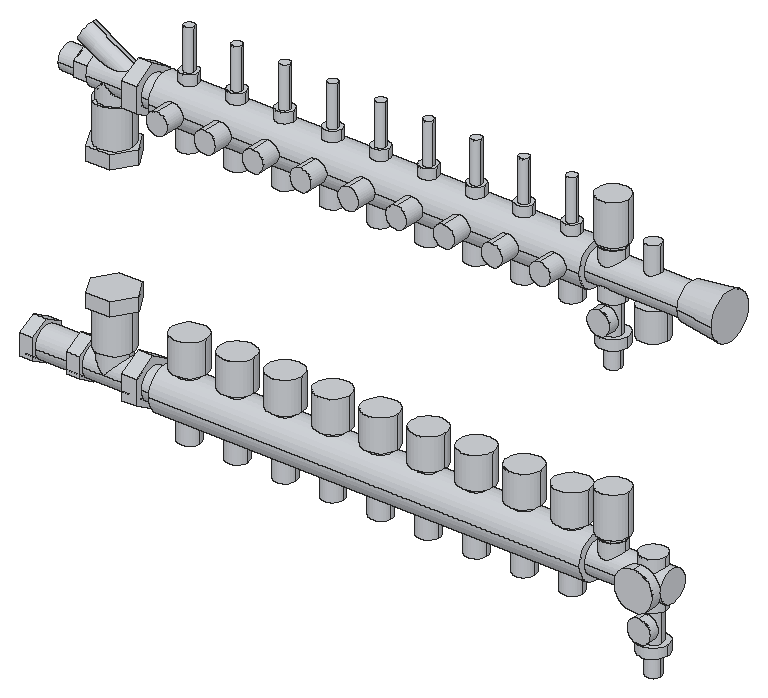
Revit family "318_1dab38ccfa9a4ba2b3cf6a35155c09", category Pipe Accessories, Revit 2017
Family settings
  Round Connector Dimension = Use Diameter
  Part Type = Valve - Normal
  Work Plane-Based = No
  Always vertical = Yes
  Cut with Voids When Loaded = No
  Shared = No
Parameters (values of type "R557FY009")
  magi_piping_qv_2_9 [instance] = 0.0 L/s
  magi_piping_qv_2_8 [instance] = 0.0 L/s
  magi_piping_qv_2_7 [instance] = 0.0 L/s
  magi_piping_qv_2_6 [instance] = 0.0 L/s
  magi_piping_qv_2_5 [instance] = 0.0 L/s
  magi_piping_qv_2_4 [instance] = 0.0 L/s
  magi_piping_qv_2_3 [instance] = 0.0 L/s
  magi_piping_qv_2_2 [instance] = 0.0 L/s
  magi_piping_qv_2_1 [instance] = 0.0 L/s
  magi_piping_qv_1_9 [instance] = 0.0 L/s
  magi_piping_qv_1_8 [instance] = 0.0 L/s
  magi_piping_qv_1_7 [instance] = 0.0 L/s
  magi_piping_qv_1_6 [instance] = 0.0 L/s
  magi_piping_qv_1_5 [instance] = 0.0 L/s
  magi_piping_qv_1_4 [instance] = 0.0 L/s
  magi_piping_qv_1_3 [instance] = 0.0 L/s
  magi_piping_qv_1_2 [instance] = 0.0 L/s
  magi_piping_qv_1_1 [instance] = 0.0 L/s
  magi_piping_qv [instance] = 0.0 L/s
  magi_piping_power_9 [instance] = 0 W
  magi_piping_power_8 [instance] = 0 W
  magi_piping_power_7 [instance] = 0 W
  magi_piping_power_6 [instance] = 0 W
  magi_piping_power_5 [instance] = 0 W
  magi_piping_power_4 [instance] = 0 W
  magi_piping_power_3 [instance] = 0 W
  magi_piping_power_2 [instance] = 0 W
  magi_piping_power_1 [instance] = 0 W
  magi_piping_kv_9 [instance] = 0
  magi_piping_kv_8 [instance] = 0
  magi_piping_kv_7 [instance] = 0
  magi_piping_kv_6 [instance] = 0
  magi_piping_kv_5 [instance] = 0
  magi_piping_kv_4 [instance] = 0
  magi_piping_kv_3 [instance] = 0
  magi_piping_kv_2 [instance] = 0
  magi_piping_kv_1 [instance] = 0
  magi_piping_dpTot_9 [instance] = 0.0 Pa
  magi_piping_dpTot_8 [instance] = 0.0 Pa
  magi_piping_dpTot_7 [instance] = 0.0 Pa
  magi_piping_dpTot_6 [instance] = 0.0 Pa
  magi_piping_dpTot_5 [instance] = 0.0 Pa
  magi_piping_dpTot_4 [instance] = 0.0 Pa
  magi_piping_dpTot_3 [instance] = 0.0 Pa
  magi_piping_dpTot_2 [instance] = 0.0 Pa
  magi_piping_dpTot_1 [instance] = 0.0 Pa
  magi_adjustmentValue_9 [instance] = ""
  magi_adjustmentValue_8 [instance] = ""
  magi_adjustmentValue_7 [instance] = ""
  magi_adjustmentValue_6 [instance] = ""
  magi_adjustmentValue_5 [instance] = ""
  magi_adjustmentValue_4 [instance] = ""
  magi_adjustmentValue_3 [instance] = ""
  magi_adjustmentValue_2 [instance] = ""
  magi_adjustmentValue_1 [instance] = ""
  magiProductId = "1dab38ccfa9a4ba2b3cf6a35155c09"
  magiProductFamilyId = "1dab38ccfa9a4ba2b3cf6a35155c09"
  magiProductCode = "R557FY009"
  magiPartTypeId = 318
  X1 = 127 mm
  VersionID = "2.0/2016.10.37.0/GIACOMINI_R557FY_001"
  VL2__ve = -VL2  # -137 mm
  VL2 = 137 mm
  VL1 = 102 mm
  URL = "http://www.giacomini.com/en"
  SMP = 25 mm
  SBP9 = 18 mm
  SBP8 = 18 mm
  SBP7 = 18 mm
  SBP6 = 18 mm
  SBP5 = 18 mm
  SBP4 = 18 mm
  SBP3 = 18 mm
  SBP2 = 18 mm
  SBP12 = 18 mm
  SBP11 = 18 mm
  SBP10 = 18 mm
  SBP1 = 18 mm
  RMP = 25 mm
  RBP9 = 18 mm
  RBP8 = 18 mm
  RBP7 = 18 mm
  RBP6 = 18 mm
  RBP5 = 18 mm
  RBP4 = 18 mm
  RBP3 = 18 mm
  RBP2 = 18 mm
  RBP12 = 18 mm
  RBP11 = 18 mm
  RBP10 = 18 mm
  RBP1 = 18 mm
  R2 = 22 mm
  QmdConnectorList = "321;SMP;322;SBP1;323;SBP2;324;SBP3;325;SBP4;326;SBP5;327;SBP6;328;SBP7;329;SBP8;330;SBP9;351;RMP;352;RBP1;353;RBP2;354;RBP3;355;RBP4;356;RBP5;357;RBP6;358;RBP7;359;RBP8;360;RBP9"
  Productdata [instance] = "© Progman Oy, all rights reserved"
  N9 = yes
  N8 = yes
  N7 = yes
  N6 = yes
  N5 = yes
  N4 = yes
  N3 = yes
  N12 = no
  N11 = no
  N10 = no
  Manufacturer = "Giacomini"
  MC_Default_elevation = 0 mm
  L = 450 mm
  I = 50 mm
  H5 = 33 mm
  H4 = 5 mm
  H3__ve = -H3  # -40 mm
  H3 = 40 mm
  H2__ve = -H2  # -20 mm
  H2 = 20 mm
  H12 = 42 mm
  H11 = 10 mm
  Flow supply main [instance] = Flow supply 1 + Flow supply 2 + Flow supply 3 + Flow supply 4 + Flow supply 5 + Flow supply 6 + Flow supply 7 + Flow supply 8 + Flow supply 9  # 0.0 L/s
  Flow supply 9 [instance] = 0.0 L/s
  Flow supply 8 [instance] = 0.0 L/s
  Flow supply 7 [instance] = 0.0 L/s
  Flow supply 6 [instance] = 0.0 L/s
  Flow supply 5 [instance] = 0.0 L/s
  Flow supply 4 [instance] = 0.0 L/s
  Flow supply 3 [instance] = 0.0 L/s
  Flow supply 2 [instance] = 0.0 L/s
  Flow supply 1 [instance] = 0.0 L/s
  Flow return main [instance] = Flow return 1 + Flow return 2 + Flow return 3 + Flow return 4 + Flow return 5 + Flow return 6 + Flow return 7 + Flow return 8 + Flow return 9  # 0.0 L/s
  Flow return 9 [instance] = 0.0 L/s
  Flow return 8 [instance] = 0.0 L/s
  Flow return 7 [instance] = 0.0 L/s
  Flow return 6 [instance] = 0.0 L/s
  Flow return 5 [instance] = 0.0 L/s
  Flow return 4 [instance] = 0.0 L/s
  Flow return 3 [instance] = 0.0 L/s
  Flow return 2 [instance] = 0.0 L/s
  Flow return 1 [instance] = 0.0 L/s
  E = 274 mm
  Description = "PREASSEMBLED MANIFOLD WITH FLOW METERS"
  D4 = 22 mm
  D32 = 10 mm
  D31 = 18 mm
  D2 = 44 mm
  CAT0 = yes
Reference planes
  plane 1 "Center (Front/Back)": y = 0
  plane 2 "XYPLANE": z = 0
  plane 3 "Center (Left/Right)": x = 0
  plane 4 "INIT_TEMP": y = 100
  plane 5 "386": y = -16
  plane 6 "385": z = -41
  plane 7 "384": z = -67
  plane 8 "383": z = -57
  plane 9 "382": y = -9
  plane 10 "381": z = -315
  plane 11 "380": z = -341
  plane 12 "379": z = -331
  plane 13 "378": z = -213
  plane 14 "377": z = -253
  plane 15 "376": z = -61
  plane 16 "375": z = -21
  plane 17 "374": x = 49
  plane 18 "373": x = 77
  plane 19 "372": x = 17
  plane 20 "371": x = 32
  plane 21 "370": x = -35
  plane 22 "369": x = 27
  plane 23 "368": x = 89
  plane 24 "367": x = -35
  plane 25 "366": x = 102
  plane 26 "365": z = -314
  plane 27 "364": z = -247
  plane 28 "363": z = -252
  plane 29 "362": z = -40
  plane 30 "361": x = 0
  plane 31 "360": y = 0
  plane 32 "359": z = -274
  plane 33 "358": z = 0
  plane 34 "357": z = 22
  plane 35 "356": x = 127
  plane 36 "355": x = 177
  plane 37 "354": y = -22
  plane 38 "353": x = 227
  plane 39 "352": z = 32
  plane 40 "351": x = 277
  plane 41 "350": x = 327
  plane 42 "349": x = 377
  plane 43 "348": x = 427
  plane 44 "347": x = 477
  plane 45 "346": x = 527
  plane 46 "345": x = 577
  plane 47 "344": x = 627
  plane 48 "343": x = 677
  plane 49 "342": x = 552
  plane 50 "341": x = 652
  plane 51 "340": x = 692
  plane 52 "339": x = 570
  plane 53 "338": z = -25
  plane 54 "337": z = 25
  plane 55 "336": z = 30
  plane 56 "335": z = -249
  plane 57 "334": z = -244
  plane 58 "333": z = -16
  plane 59 "332": x = 612
  plane 60 "331": z = -299
  plane 61 "1099": through (77, -750, 0) normal (0.866, 0, -0.5)
Forms (mm)
  Extrusion 1, solid
    sketch origin (750, -16, 0) x (-1, 0, 0) y (0, 0, 1)
      loop
        circle (138, -274) r 20
    from 0 to -10
  Extrusion 2, solid
    sketch origin (-750, 0, -67) x (1, 0, 0) y (0, 1, 0)
      loop
        circle (1320, 0) r 7.5
    from 0 to -22
  Extrusion 3, solid
    sketch origin (750, -9, 0) x (-1, 0, 0) y (0, 0, 1)
      loop
        circle (180, -41) r 12
    from 0 to -10
  Extrusion 4, solid
    sketch origin (750, -9, 0) x (-1, 0, 0) y (0, 0, 1)
      loop
        circle (138, -315) r 12
    from 0 to -10
  Extrusion 5, solid
    sketch origin (-750, 0, -341) x (1, 0, 0) y (0, 1, 0)
      loop
        circle (1362, 0) r 7.5
    from 0 to -22
  Extrusion 6, solid
    sketch origin (-750, 0, -57) x (1, 0, 0) y (0, 1, 0)
      loop
        circle (1320, 0) r 15
    from 0 to -10
  Extrusion 7, solid
    sketch origin (-750, 0, -331) x (1, 0, 0) y (0, 1, 0)
      loop
        circle (1362, 0) r 15
    from 0 to -10
  Extrusion 8, solid
    sketch origin (-750, 0, -299) x (1, 0, 0) y (0, 1, 0)
      loop
        circle (1362, 0) r 9
    from 0 to -32
  Extrusion 9, solid
    sketch origin (-750, 0, -253) x (1, 0, 0) y (0, 1, 0)
      loop
        circle (799, 0) r 19
    from 0 to 40
  Extrusion 10, solid
    sketch origin (-750, 0, -274) x (1, 0, 0) y (0, 1, 0)
      loop
        circle (799, 0) r 16
    from 0 to 21
  Extrusion 11, solid
    sketch origin (-750, 0, -213) x (1, 0, 0) y (0, 1, 0)
      loop
        line (824, 0) -> (811.5, 21.651) -> (786.5, 21.651) -> (774, 0) -> (786.5, -21.651) -> (811.5, -21.651) -> (824, 0)
    from 0 to 14
  Extrusion 12, solid
    sketch origin (-750, 0, -61) x (1, 0, 0) y (0, 1, 0)
      loop
        line (774, 0) -> (786.5, -21.651) -> (811.5, -21.651) -> (824, 0) -> (811.5, 21.651) -> (786.5, 21.651) -> (774, 0)
    from 0 to -14
  Extrusion 13, solid
    sketch origin (-750, 0, 0) x (1, 0, 0) y (0, 1, 0)
      loop
        circle (799, 0) r 16
    from 0 to -21
  Extrusion 14, solid
    sketch origin (-750, 0, -21) x (1, 0, 0) y (0, 1, 0)
      loop
        circle (799, 0) r 19
    from 0 to -40
  Extrusion 15, solid
    sketch origin (77, -750, 0) x (0, 1, 0) y (0.5, 0, 0.866025)
      loop
        circle (750, 0) r 10.5
    from 0 to -65
  Extrusion 16, solid, visible <- "CAT0"
    sketch origin (17, -750, 0) x (0, 1, 0) y (0, 0, 1)
      loop
        circle (750, 0) r 12.5
    from 0 to -17
  Extrusion 17, solid
    sketch origin (32, -750, 0) x (0, 1, 0) y (0, 0, 1)
      loop
        line (750, 15) -> (737.01, 7.5) -> (737.01, -7.5) -> (750, -15) -> (762.99, -7.5) -> (762.99, 7.5) -> (750, 15)
    from 0 to -15
  Extrusion 18, solid
    sketch origin (-35, -750, 0) x (0, 1, 0) y (0, 0, 1)
      loop
        line (750, -253) -> (731.813, -263.5) -> (731.813, -284.5) -> (750, -295) -> (768.187, -284.5) -> (768.187, -263.5) -> (750, -253)
    from 0 to 13
  Extrusion 19, solid
    sketch origin (27, -750, 0) x (0, 1, 0) y (0, 0, 1)
      loop
        line (750, -253) -> (731.813, -263.5) -> (731.813, -284.5) -> (750, -295) -> (768.187, -284.5) -> (768.187, -263.5) -> (750, -253)
    from 0 to -13
  Extrusion 20, solid
    sketch origin (102, -750, 0) x (0, 1, 0) y (0, 0, 1)
      loop
        circle (750, 0) r 16
    from 0 to -70
  Extrusion 21, solid
    sketch origin (89, -750, 0) x (0, 1, 0) y (0, 0, 1)
      loop
        line (750, 25) -> (728.349, 12.5) -> (728.349, -12.5) -> (750, -25) -> (771.651, -12.5) -> (771.651, 12.5) -> (750, 25)
    from 0 to -15
  Extrusion 22, solid
    sketch origin (89, -750, 0) x (0, 1, 0) y (0, 0, 1)
      loop
        line (750, -249) -> (728.349, -261.5) -> (728.349, -286.5) -> (750, -299) -> (771.651, -286.5) -> (771.651, -261.5) -> (750, -249)
    from 0 to -15
  Extrusion 23, solid
    sketch origin (102, -750, 0) x (0, 1, 0) y (0, 0, 1)
      loop
        circle (750, -274) r 16
    from 0 to -137 <- "VL2__ve"
  Extrusion 24, solid, visible <- "N10"
    sketch origin (-750, 0, -274) x (1, 0, 0) y (0, 1, 0)
      loop
        circle (1327, 0) r 11
    from 0 to -40 <- "H3__ve"
  Extrusion 25, solid, visible <- "N10"
    sketch origin (-750, 0, -252) x (1, 0, 0) y (0, 1, 0)
      loop
        circle (1327, 0) r 11
    from 0 to 5 <- "H4"
  Extrusion 26, solid, visible <- "N10"
    sketch origin (-750, 0, -247) x (1, 0, 0) y (0, 1, 0)
      loop
        circle (1327, 0) r 17.5
    from 0 to 33 <- "H5"
  Extrusion 27, solid, visible <- "N12"
    sketch origin (-750, 0, -247) x (1, 0, 0) y (0, 1, 0)
      loop
        circle (1427, 0) r 17.5
    from 0 to 33 <- "H5"
  Extrusion 28, solid, visible <- "N12"
    sketch origin (-750, 0, -252) x (1, 0, 0) y (0, 1, 0)
      loop
        circle (1427, 0) r 11
    from 0 to 5 <- "H4"
  Extrusion 29, solid, visible <- "N12"
    sketch origin (-750, 0, -274) x (1, 0, 0) y (0, 1, 0)
      loop
        circle (1427, 0) r 11
    from 0 to -40 <- "H3__ve"
  Extrusion 30, solid, visible <- "N11"
    sketch origin (-750, 0, -274) x (1, 0, 0) y (0, 1, 0)
      loop
        circle (1377, 0) r 11
    from 0 to -40 <- "H3__ve"
  Extrusion 31, solid, visible <- "N11"
    sketch origin (-750, 0, -252) x (1, 0, 0) y (0, 1, 0)
      loop
        circle (1377, 0) r 11
    from 0 to 5 <- "H4"
  Extrusion 32, solid, visible <- "N11"
    sketch origin (-750, 0, -247) x (1, 0, 0) y (0, 1, 0)
      loop
        circle (1377, 0) r 17.5
    from 0 to 33 <- "H5"
  Extrusion 33, solid, visible <- "N8"
    sketch origin (-750, 0, -247) x (1, 0, 0) y (0, 1, 0)
      loop
        circle (1227, 0) r 17.5
    from 0 to 33 <- "H5"
  Extrusion 34, solid, visible <- "N8"
    sketch origin (-750, 0, -252) x (1, 0, 0) y (0, 1, 0)
      loop
        circle (1227, 0) r 11
    from 0 to 5 <- "H4"
  Extrusion 35, solid, visible <- "N8"
    sketch origin (-750, 0, -274) x (1, 0, 0) y (0, 1, 0)
      loop
        circle (1227, 0) r 11
    from 0 to -40 <- "H3__ve"
  Extrusion 36, solid, visible <- "N9"
    sketch origin (-750, 0, -274) x (1, 0, 0) y (0, 1, 0)
      loop
        circle (1277, 0) r 11
    from 0 to -40 <- "H3__ve"
  Extrusion 37, solid, visible <- "N9"
    sketch origin (-750, 0, -252) x (1, 0, 0) y (0, 1, 0)
      loop
        circle (1277, 0) r 11
    from 0 to 5 <- "H4"
  Extrusion 38, solid, visible <- "N9"
    sketch origin (-750, 0, -247) x (1, 0, 0) y (0, 1, 0)
      loop
        circle (1277, 0) r 17.5
    from 0 to 33 <- "H5"
  Extrusion 39, solid, visible <- "N7"
    sketch origin (-750, 0, -247) x (1, 0, 0) y (0, 1, 0)
      loop
        circle (1177, 0) r 17.5
    from 0 to 33 <- "H5"
  Extrusion 40, solid, visible <- "N7"
    sketch origin (-750, 0, -252) x (1, 0, 0) y (0, 1, 0)
      loop
        circle (1177, 0) r 11
    from 0 to 5 <- "H4"
  Extrusion 41, solid, visible <- "N7"
    sketch origin (-750, 0, -274) x (1, 0, 0) y (0, 1, 0)
      loop
        circle (1177, 0) r 11
    from 0 to -40 <- "H3__ve"
  Extrusion 42, solid, visible <- "N6"
    sketch origin (-750, 0, -274) x (1, 0, 0) y (0, 1, 0)
      loop
        circle (1127, 0) r 11
    from 0 to -40 <- "H3__ve"
  Extrusion 43, solid, visible <- "N6"
    sketch origin (-750, 0, -252) x (1, 0, 0) y (0, 1, 0)
      loop
        circle (1127, 0) r 11
    from 0 to 5 <- "H4"
  Extrusion 44, solid, visible <- "N6"
    sketch origin (-750, 0, -247) x (1, 0, 0) y (0, 1, 0)
      loop
        circle (1127, 0) r 17.5
    from 0 to 33 <- "H5"
  Extrusion 45, solid, visible <- "N5"
    sketch origin (-750, 0, -247) x (1, 0, 0) y (0, 1, 0)
      loop
        circle (1077, 0) r 17.5
    from 0 to 33 <- "H5"
  Extrusion 46, solid, visible <- "N5"
    sketch origin (-750, 0, -252) x (1, 0, 0) y (0, 1, 0)
      loop
        circle (1077, 0) r 11
    from 0 to 5 <- "H4"
  Extrusion 47, solid, visible <- "N5"
    sketch origin (-750, 0, -274) x (1, 0, 0) y (0, 1, 0)
      loop
        circle (1077, 0) r 11
    from 0 to -40 <- "H3__ve"
  Extrusion 48, solid, visible <- "N4"
    sketch origin (-750, 0, -274) x (1, 0, 0) y (0, 1, 0)
      loop
        circle (1027, 0) r 11
    from 0 to -40 <- "H3__ve"
  Extrusion 49, solid, visible <- "N4"
    sketch origin (-750, 0, -252) x (1, 0, 0) y (0, 1, 0)
      loop
        circle (1027, 0) r 11
    from 0 to 5 <- "H4"
  Extrusion 50, solid, visible <- "N4"
    sketch origin (-750, 0, -247) x (1, 0, 0) y (0, 1, 0)
      loop
        circle (1027, 0) r 17.5
    from 0 to 33 <- "H5"
  Extrusion 51, solid, visible <- "N3"
    sketch origin (-750, 0, -247) x (1, 0, 0) y (0, 1, 0)
      loop
        circle (977, 0) r 17.5
    from 0 to 33 <- "H5"
  Extrusion 52, solid, visible <- "N3"
    sketch origin (-750, 0, -252) x (1, 0, 0) y (0, 1, 0)
      loop
        circle (977, 0) r 11
    from 0 to 5 <- "H4"
  Extrusion 53, solid
    sketch origin (-750, 0, -252) x (1, 0, 0) y (0, 1, 0)
      loop
        circle (927, 0) r 11
    from 0 to 5 <- "H4"
  Extrusion 54, solid
    sketch origin (-750, 0, -247) x (1, 0, 0) y (0, 1, 0)
      loop
        circle (927, 0) r 17.5
    from 0 to 33 <- "H5"
  Extrusion 55, solid
    sketch origin (-750, 0, -247) x (1, 0, 0) y (0, 1, 0)
      loop
        circle (877, 0) r 17.5
    from 0 to 33 <- "H5"
  Extrusion 56, solid
    sketch origin (-750, 0, -252) x (1, 0, 0) y (0, 1, 0)
      loop
        circle (877, 0) r 11
    from 0 to 5 <- "H4"
  Extrusion 57, solid, visible <- "N3"
    sketch origin (-750, 0, -274) x (1, 0, 0) y (0, 1, 0)
      loop
        circle (977, 0) r 11
    from 0 to -40 <- "H3__ve"
  Extrusion 58, solid
    sketch origin (-750, 0, -274) x (1, 0, 0) y (0, 1, 0)
      loop
        circle (877, 0) r 11
    from 0 to -40 <- "H3__ve"
  Extrusion 59, solid
    sketch origin (-750, 0, -274) x (1, 0, 0) y (0, 1, 0)
      loop
        circle (927, 0) r 11
    from 0 to -40 <- "H3__ve"
  Extrusion 60, solid
    sketch origin (102, -750, 0) x (0, 1, 0) y (0, 0, 1)
      loop
        circle (750, -274) r 22
    from 0 to 450 <- "L"
  Extrusion 61, solid, visible <- "N8"
    sketch origin (-750, 0, 0) x (1, 0, 0) y (0, 1, 0)
      loop
        circle (1227, 0) r 11
    from 0 to -40 <- "H3__ve"
  Extrusion 62, solid, visible <- "N9"
    sketch origin (-750, 0, 0) x (1, 0, 0) y (0, 1, 0)
      loop
        circle (1277, 0) r 11
    from 0 to -40 <- "H3__ve"
  Extrusion 63, solid, visible <- "N10"
    sketch origin (-750, 0, 0) x (1, 0, 0) y (0, 1, 0)
      loop
        circle (1327, 0) r 11
    from 0 to -40 <- "H3__ve"
  Extrusion 64, solid, visible <- "N11"
    sketch origin (-750, 0, 0) x (1, 0, 0) y (0, 1, 0)
      loop
        circle (1377, 0) r 11
    from 0 to -40 <- "H3__ve"
  Extrusion 65, solid, visible <- "N12"
    sketch origin (-750, 0, 0) x (1, 0, 0) y (0, 1, 0)
      loop
        circle (1427, 0) r 11
    from 0 to -40 <- "H3__ve"
  Extrusion 66, solid, visible <- "N7"
    sketch origin (-750, 0, 0) x (1, 0, 0) y (0, 1, 0)
      loop
        circle (1177, 0) r 11
    from 0 to -40 <- "H3__ve"
  Extrusion 67, solid, visible <- "N6"
    sketch origin (-750, 0, 0) x (1, 0, 0) y (0, 1, 0)
      loop
        circle (1127, 0) r 11
    from 0 to -40 <- "H3__ve"
  Extrusion 68, solid, visible <- "N5"
    sketch origin (-750, 0, 0) x (1, 0, 0) y (0, 1, 0)
      loop
        circle (1077, 0) r 11
    from 0 to -40 <- "H3__ve"
  Extrusion 69, solid, visible <- "N4"
    sketch origin (-750, 0, 0) x (1, 0, 0) y (0, 1, 0)
      loop
        circle (1027, 0) r 11
    from 0 to -40 <- "H3__ve"
  Extrusion 70, solid, visible <- "N3"
    sketch origin (-750, 0, 0) x (1, 0, 0) y (0, 1, 0)
      loop
        circle (977, 0) r 11
    from 0 to -40 <- "H3__ve"
  Extrusion 71, solid
    sketch origin (-750, 0, 0) x (1, 0, 0) y (0, 1, 0)
      loop
        circle (927, 0) r 11
    from 0 to -40 <- "H3__ve"
  Extrusion 72, solid
    sketch origin (-750, 0, 0) x (1, 0, 0) y (0, 1, 0)
      loop
        circle (877, 0) r 11
    from 0 to -40 <- "H3__ve"
  Extrusion 73, solid
    sketch origin (102, -750, 0) x (0, 1, 0) y (0, 0, 1)
      loop
        circle (750, 0) r 22
    from 0 to 450 <- "L"
  Extrusion 74, solid
    sketch origin (-750, 0, 22) x (1, 0, 0) y (0, 1, 0)
      loop
        circle (877, 0) r 9
    from 0 to 10 <- "H11"
  Extrusion 75, solid
    sketch origin (750, -22, 0) x (-1, 0, 0) y (0, 0, 1)
      loop
        circle (623, 0) r 11
    from 0 to -20 <- "H2__ve"
  Extrusion 76, solid
    sketch origin (750, -22, 0) x (-1, 0, 0) y (0, 0, 1)
      loop
        circle (573, 0) r 11
    from 0 to -20 <- "H2__ve"
  Extrusion 77, solid, visible <- "N3"
    sketch origin (750, -22, 0) x (-1, 0, 0) y (0, 0, 1)
      loop
        circle (523, 0) r 11
    from 0 to -20 <- "H2__ve"
  Extrusion 78, solid
    sketch origin (-750, 0, 32) x (1, 0, 0) y (0, 1, 0)
      loop
        circle (877, 0) r 5
    from 0 to 42 <- "H12"
  Extrusion 79, solid
    sketch origin (-750, 0, 32) x (1, 0, 0) y (0, 1, 0)
      loop
        circle (927, 0) r 5
    from 0 to 42 <- "H12"
  Extrusion 80, solid
    sketch origin (-750, 0, 22) x (1, 0, 0) y (0, 1, 0)
      loop
        circle (927, 0) r 9
    from 0 to 10 <- "H11"
  Extrusion 81, solid, visible <- "N3"
    sketch origin (-750, 0, 22) x (1, 0, 0) y (0, 1, 0)
      loop
        circle (977, 0) r 9
    from 0 to 10 <- "H11"
  Extrusion 82, solid, visible <- "N3"
    sketch origin (-750, 0, 32) x (1, 0, 0) y (0, 1, 0)
      loop
        circle (977, 0) r 5
    from 0 to 42 <- "H12"
  Extrusion 83, solid, visible <- "N4"
    sketch origin (-750, 0, 32) x (1, 0, 0) y (0, 1, 0)
      loop
        circle (1027, 0) r 5
    from 0 to 42 <- "H12"
  Extrusion 84, solid, visible <- "N4"
    sketch origin (-750, 0, 22) x (1, 0, 0) y (0, 1, 0)
      loop
        circle (1027, 0) r 9
    from 0 to 10 <- "H11"
  Extrusion 85, solid, visible <- "N4"
    sketch origin (750, -22, 0) x (-1, 0, 0) y (0, 0, 1)
      loop
        circle (473, 0) r 11
    from 0 to -20 <- "H2__ve"
  Extrusion 86, solid, visible <- "N5"
    sketch origin (750, -22, 0) x (-1, 0, 0) y (0, 0, 1)
      loop
        circle (423, 0) r 11
    from 0 to -20 <- "H2__ve"
  Extrusion 87, solid, visible <- "N5"
    sketch origin (-750, 0, 22) x (1, 0, 0) y (0, 1, 0)
      loop
        circle (1077, 0) r 9
    from 0 to 10 <- "H11"
  Extrusion 88, solid, visible <- "N5"
    sketch origin (-750, 0, 32) x (1, 0, 0) y (0, 1, 0)
      loop
        circle (1077, 0) r 5
    from 0 to 42 <- "H12"
  Extrusion 89, solid, visible <- "N6"
    sketch origin (-750, 0, 32) x (1, 0, 0) y (0, 1, 0)
      loop
        circle (1127, 0) r 5
    from 0 to 42 <- "H12"
  Extrusion 90, solid, visible <- "N6"
    sketch origin (-750, 0, 22) x (1, 0, 0) y (0, 1, 0)
      loop
        circle (1127, 0) r 9
    from 0 to 10 <- "H11"
  Extrusion 91, solid, visible <- "N6"
    sketch origin (750, -22, 0) x (-1, 0, 0) y (0, 0, 1)
      loop
        circle (373, 0) r 11
    from 0 to -20 <- "H2__ve"
  Extrusion 92, solid, visible <- "N7"
    sketch origin (750, -22, 0) x (-1, 0, 0) y (0, 0, 1)
      loop
        circle (323, 0) r 11
    from 0 to -20 <- "H2__ve"
  Extrusion 93, solid, visible <- "N7"
    sketch origin (-750, 0, 22) x (1, 0, 0) y (0, 1, 0)
      loop
        circle (1177, 0) r 9
    from 0 to 10 <- "H11"
  Extrusion 94, solid, visible <- "N7"
    sketch origin (-750, 0, 32) x (1, 0, 0) y (0, 1, 0)
      loop
        circle (1177, 0) r 5
    from 0 to 42 <- "H12"
  Extrusion 95, solid, visible <- "N8"
    sketch origin (-750, 0, 32) x (1, 0, 0) y (0, 1, 0)
      loop
        circle (1227, 0) r 5
    from 0 to 42 <- "H12"
  Extrusion 96, solid, visible <- "N8"
    sketch origin (-750, 0, 22) x (1, 0, 0) y (0, 1, 0)
      loop
        circle (1227, 0) r 9
    from 0 to 10 <- "H11"
  Extrusion 97, solid, visible <- "N8"
    sketch origin (750, -22, 0) x (-1, 0, 0) y (0, 0, 1)
      loop
        circle (273, 0) r 11
    from 0 to -20 <- "H2__ve"
  Extrusion 98, solid, visible <- "N10"
    sketch origin (750, -22, 0) x (-1, 0, 0) y (0, 0, 1)
      loop
        circle (173, 0) r 11
    from 0 to -20 <- "H2__ve"
  Extrusion 99, solid, visible <- "N10"
    sketch origin (-750, 0, 22) x (1, 0, 0) y (0, 1, 0)
      loop
        circle (1327, 0) r 9
    from 0 to 10 <- "H11"
  Extrusion 100, solid, visible <- "N10"
    sketch origin (-750, 0, 32) x (1, 0, 0) y (0, 1, 0)
      loop
        circle (1327, 0) r 5
    from 0 to 42 <- "H12"
  Extrusion 101, solid, visible <- "N9"
    sketch origin (-750, 0, 32) x (1, 0, 0) y (0, 1, 0)
      loop
        circle (1277, 0) r 5
    from 0 to 42 <- "H12"
  Extrusion 102, solid, visible <- "N9"
    sketch origin (-750, 0, 22) x (1, 0, 0) y (0, 1, 0)
      loop
        circle (1277, 0) r 9
    from 0 to 10 <- "H11"
  Extrusion 103, solid, visible <- "N9"
    sketch origin (750, -22, 0) x (-1, 0, 0) y (0, 0, 1)
      loop
        circle (223, 0) r 11
    from 0 to -20 <- "H2__ve"
  Extrusion 104, solid, visible <- "N11"
    sketch origin (-750, 0, 32) x (1, 0, 0) y (0, 1, 0)
      loop
        circle (1377, 0) r 5
    from 0 to 42 <- "H12"
  Extrusion 105, solid, visible <- "N11"
    sketch origin (-750, 0, 22) x (1, 0, 0) y (0, 1, 0)
      loop
        circle (1377, 0) r 9
    from 0 to 10 <- "H11"
  Extrusion 106, solid, visible <- "N11"
    sketch origin (750, -22, 0) x (-1, 0, 0) y (0, 0, 1)
      loop
        circle (123, 0) r 11
    from 0 to -20 <- "H2__ve"
  Extrusion 107, solid, visible <- "N12"
    sketch origin (750, -22, 0) x (-1, 0, 0) y (0, 0, 1)
      loop
        circle (73, 0) r 11
    from 0 to -20 <- "H2__ve"
  Extrusion 108, solid, visible <- "N12"
    sketch origin (-750, 0, 22) x (1, 0, 0) y (0, 1, 0)
      loop
        circle (1427, 0) r 9
    from 0 to 10 <- "H11"
  Extrusion 109, solid, visible <- "N12"
    sketch origin (-750, 0, 32) x (1, 0, 0) y (0, 1, 0)
      loop
        circle (1427, 0) r 5
    from 0 to 42 <- "H12"
  Extrusion 110, solid
    sketch origin (552, -750, 0) x (0, 1, 0) y (0, 0, 1)
      loop
        circle (750, 0) r 16
    from 0 to 100
  Blend 111, solid
    base sketch origin (652, -750, 0) x (0, 1, 0) y (0, 0, 1)
      loop
        circle (750, 0) r 19
    top sketch origin (652, -750, 0) x (0, 1, 0) y (0, 0, 1)
      loop
        circle (750, 0) r 24
    from 0 to 40
  Extrusion 112, solid
    sketch origin (-750, 0, -25) x (1, 0, 0) y (0, 1, 0)
      loop
        circle (1320, 0) r 13
    from 0 to 50
  Extrusion 113, solid
    sketch origin (-750, 0, 25) x (1, 0, 0) y (0, 1, 0)
      loop
        line (1333, 0) -> (1326.5, 11.258) -> (1313.5, 11.258) -> (1307, 0) -> (1313.5, -11.258) -> (1326.5, -11.258) -> (1333, 0)
    from 0 to 5
  Extrusion 114, solid
    sketch origin (-750, 0, 30) x (1, 0, 0) y (0, 1, 0)
      loop
        circle (1320, 0) r 16
    from 0 to 42
  Extrusion 115, solid
    sketch origin (552, -750, 0) x (0, 1, 0) y (0, 0, 1)
      loop
        circle (750, -274) r 16
    from 0 to 80
  Extrusion 116, solid
    sketch origin (-750, 0, -274) x (1, 0, 0) y (0, 1, 0)
      loop
        circle (1320, 0) r 13
    from 0 to 25
  Extrusion 117, solid
    sketch origin (-750, 0, -244) x (1, 0, 0) y (0, 1, 0)
      loop
        circle (1320, 0) r 16
    from 0 to 42
  Extrusion 118, solid
    sketch origin (-750, 0, -249) x (1, 0, 0) y (0, 1, 0)
      loop
        line (1333, 0) -> (1326.5, 11.258) -> (1313.5, 11.258) -> (1307, 0) -> (1313.5, -11.258) -> (1326.5, -11.258) -> (1333, 0)
    from 0 to 5
  Extrusion 119, solid, visible <- "CAT0"
    sketch origin (-750, 0, -16) x (1, 0, 0) y (0, 1, 0)
      loop
        circle (1362, 0) r 15
    from 0 to -30
  Extrusion 120, solid, visible <- "CAT0"
    sketch origin (-750, 0, 0) x (1, 0, 0) y (0, 1, 0)
      loop
        circle (1362, 0) r 8
    from 0 to 42
  Extrusion 121, solid
    sketch origin (-750, 0, -25) x (1, 0, 0) y (0, 1, 0)
      loop
        circle (1320, 0) r 9
    from 0 to -32
  Extrusion 122, solid
    sketch origin (-750, 0, -299) x (1, 0, 0) y (0, 1, 0)
      loop
        circle (1362, 0) r 13
    from 0 to 50
  Extrusion 123, solid, not visible
    sketch origin (-750, 0, -314) x (1, 0, 0) y (0, 1, 0)
      loop
        circle (1227, 0) r 10
    from 0 to 10
  Extrusion 124, solid, not visible
    sketch origin (-750, 0, -314) x (1, 0, 0) y (0, 1, 0)
      loop
        circle (1277, 0) r 10
    from 0 to 10
  Extrusion 125, solid, not visible
    sketch origin (-750, 0, -314) x (1, 0, 0) y (0, 1, 0)
      loop
        circle (1177, 0) r 10
    from 0 to 10
  Extrusion 126, solid, not visible
    sketch origin (-750, 0, -314) x (1, 0, 0) y (0, 1, 0)
      loop
        circle (1127, 0) r 10
    from 0 to 10
  Extrusion 127, solid, not visible
    sketch origin (-750, 0, -314) x (1, 0, 0) y (0, 1, 0)
      loop
        circle (1077, 0) r 10
    from 0 to 10
  Extrusion 128, solid, not visible
    sketch origin (-750, 0, -314) x (1, 0, 0) y (0, 1, 0)
      loop
        circle (1027, 0) r 10
    from 0 to 10
  Extrusion 129, solid, not visible
    sketch origin (-750, 0, -314) x (1, 0, 0) y (0, 1, 0)
      loop
        circle (927, 0) r 10
    from 0 to 10
  Extrusion 130, solid, not visible
    sketch origin (-750, 0, -314) x (1, 0, 0) y (0, 1, 0)
      loop
        circle (877, 0) r 10
    from 0 to 10
  Extrusion 131, solid, not visible
    sketch origin (-750, 0, -314) x (1, 0, 0) y (0, 1, 0)
      loop
        circle (977, 0) r 10
    from 0 to 10
  Extrusion 132, solid, not visible
    sketch origin (-750, 0, -40) x (1, 0, 0) y (0, 1, 0)
      loop
        circle (1227, 0) r 10
    from 0 to 10
  Extrusion 133, solid, not visible
    sketch origin (-750, 0, -40) x (1, 0, 0) y (0, 1, 0)
      loop
        circle (1277, 0) r 10
    from 0 to 10
  Extrusion 134, solid, not visible
    sketch origin (-750, 0, -40) x (1, 0, 0) y (0, 1, 0)
      loop
        circle (1177, 0) r 10
    from 0 to 10
  Extrusion 135, solid, not visible
    sketch origin (-750, 0, -40) x (1, 0, 0) y (0, 1, 0)
      loop
        circle (1127, 0) r 10
    from 0 to 10
  Extrusion 136, solid, not visible
    sketch origin (-750, 0, -40) x (1, 0, 0) y (0, 1, 0)
      loop
        circle (1077, 0) r 10
    from 0 to 10
  Extrusion 137, solid, not visible
    sketch origin (-750, 0, -40) x (1, 0, 0) y (0, 1, 0)
      loop
        circle (1027, 0) r 10
    from 0 to 10
  Extrusion 138, solid, not visible
    sketch origin (-750, 0, -40) x (1, 0, 0) y (0, 1, 0)
      loop
        circle (977, 0) r 10
    from 0 to 10
  Extrusion 139, solid, not visible
    sketch origin (0, -750, 0) x (0, 1, 0) y (0, 0, 1)
      loop
        circle (750, 0) r 10
    from 0 to 10
  Extrusion 140, solid, not visible
    sketch origin (-35, -750, 0) x (0, 1, 0) y (0, 0, 1)
      loop
        circle (750, -274) r 10
    from 0 to 10
  Extrusion 141, solid, not visible
    sketch origin (-750, 0, -40) x (1, 0, 0) y (0, 1, 0)
      loop
        circle (877, 0) r 10
    from 0 to 10
  Extrusion 142, solid, not visible
    sketch origin (-750, 0, -40) x (1, 0, 0) y (0, 1, 0)
      loop
        circle (927, 0) r 10
    from 0 to 10
Text (mm)
  text "© Progman Oy, all rights reserved" at (-472.209, -2482.653, 0), in view "Ref. Level"
Dimensions and locks
  plane 4 "INIT_TEMP" to plane 1 "Center (Front/Back)" = 100 mm
  locked: plane 1 "Center (Front/Back)" to plane 5 "386" at 16
  locked: plane 53 "338" to plane 6 "385" at 16
  locked: plane 8 "383" to plane 7 "384" at 10
  locked: plane 53 "338" to plane 8 "383" at 32
  locked: plane 1 "Center (Front/Back)" to plane 9 "382" at 9
  locked: plane 60 "331" to plane 10 "381" at 16
  locked: plane 12 "379" to plane 11 "380" at 10
  locked: plane 60 "331" to plane 12 "379" at 32
  locked: plane 14 "377" to plane 13 "378" at 40
  locked: plane 32 "359" to plane 14 "377" at 21
  locked: plane 16 "375" to plane 15 "376" at 40
  locked: plane 2 "XYPLANE" to plane 16 "375" at 21
  locked: plane 25 "366" to plane 17 "374" at 53
  locked: plane 25 "366" to plane 18 "373" at 25
  locked: plane 20 "371" to plane 19 "372" at 15
  locked: plane 25 "366" to plane 20 "371" at 70
  "VL2": plane 25 "366" to plane 21 "370"
  locked: plane 23 "368" to plane 22 "369" at 62
  locked: plane 25 "366" to plane 23 "368" at 13
  "VL2": plane 25 "366" to plane 24 "367"
  "VL1": plane 3 "Center (Left/Right)" to plane 25 "366"
  "H3": plane 32 "359" to plane 26 "365"
  "H4": plane 28 "363" to plane 27 "364"
  "R2": plane 32 "359" to plane 28 "363"
  "H3": plane 2 "XYPLANE" to plane 29 "362"
  locked: plane 3 "Center (Left/Right)" to plane 30 "361"
  locked: plane 1 "Center (Front/Back)" to plane 31 "360"
  "E": plane 2 "XYPLANE" to plane 32 "359"
  locked: plane 2 "XYPLANE" to plane 33 "358"
  "R2": plane 2 "XYPLANE" to plane 34 "357"
  "X1": plane 3 "Center (Left/Right)" to plane 35 "356"
  "I": plane 35 "356" to plane 36 "355"
  "R2": plane 1 "Center (Front/Back)" to plane 37 "354"
  "I": plane 36 "355" to plane 38 "353"
  "H11": plane 34 "357" to plane 39 "352"
  "I": plane 38 "353" to plane 40 "351"
  "I": plane 40 "351" to plane 41 "350"
  "I": plane 41 "350" to plane 42 "349"
  "I": plane 42 "349" to plane 43 "348"
  "I": plane 43 "348" to plane 44 "347"
  "I": plane 44 "347" to plane 45 "346"
  "I": plane 45 "346" to plane 46 "345"
  "I": plane 46 "345" to plane 47 "344"
  "I": plane 47 "344" to plane 48 "343"
  "L": plane 25 "366" to plane 49 "342"
  locked: plane 49 "342" to plane 50 "341" at 100
  locked: plane 50 "341" to plane 51 "340" at 40
  locked: plane 49 "342" to plane 52 "339" at 18
  locked: plane 2 "XYPLANE" to plane 53 "338" at 25
  locked: plane 53 "338" to plane 54 "337" at 50
  locked: plane 54 "337" to plane 55 "336" at 5
  locked: plane 32 "359" to plane 56 "335" at 25
  locked: plane 56 "335" to plane 57 "334" at 5
  locked: plane 2 "XYPLANE" to plane 58 "333" at 16
  locked: plane 49 "342" to plane 59 "332" at 60
  locked: plane 32 "359" to plane 60 "331" at 25
  "D4": diameter of Extrusion 24 sketch curve
  "D4": diameter of Extrusion 25 sketch curve
  diameter of Extrusion 26 sketch curve = 35 mm
  diameter of Extrusion 27 sketch curve = 35 mm
  "D4": diameter of Extrusion 28 sketch curve
  "D4": diameter of Extrusion 29 sketch curve
  "D4": diameter of Extrusion 30 sketch curve
  "D4": diameter of Extrusion 31 sketch curve
  diameter of Extrusion 32 sketch curve = 35 mm
  diameter of Extrusion 33 sketch curve = 35 mm
  "D4": diameter of Extrusion 34 sketch curve
  "D4": diameter of Extrusion 35 sketch curve
  "D4": diameter of Extrusion 36 sketch curve
  "D4": diameter of Extrusion 37 sketch curve
  diameter of Extrusion 38 sketch curve = 35 mm
  diameter of Extrusion 39 sketch curve = 35 mm
  "D4": diameter of Extrusion 40 sketch curve
  "D4": diameter of Extrusion 41 sketch curve
  "D4": diameter of Extrusion 42 sketch curve
  "D4": diameter of Extrusion 43 sketch curve
  diameter of Extrusion 44 sketch curve = 35 mm
  diameter of Extrusion 45 sketch curve = 35 mm
  "D4": diameter of Extrusion 46 sketch curve
  "D4": diameter of Extrusion 47 sketch curve
  "D4": diameter of Extrusion 48 sketch curve
  "D4": diameter of Extrusion 49 sketch curve
  diameter of Extrusion 50 sketch curve = 35 mm
  diameter of Extrusion 51 sketch curve = 35 mm
  "D4": diameter of Extrusion 52 sketch curve
  "D4": diameter of Extrusion 53 sketch curve
  diameter of Extrusion 54 sketch curve = 35 mm
  diameter of Extrusion 55 sketch curve = 35 mm
  "D4": diameter of Extrusion 56 sketch curve
  "D4": diameter of Extrusion 57 sketch curve
  "D4": diameter of Extrusion 58 sketch curve
  "D4": diameter of Extrusion 59 sketch curve
  "D2": diameter of Extrusion 60 sketch curve
  "D4": diameter of Extrusion 61 sketch curve
  "D4": diameter of Extrusion 62 sketch curve
  "D4": diameter of Extrusion 63 sketch curve
  "D4": diameter of Extrusion 64 sketch curve
  "D4": diameter of Extrusion 65 sketch curve
  "D4": diameter of Extrusion 66 sketch curve
  "D4": diameter of Extrusion 67 sketch curve
  "D4": diameter of Extrusion 68 sketch curve
  "D4": diameter of Extrusion 69 sketch curve
  "D4": diameter of Extrusion 70 sketch curve
  "D4": diameter of Extrusion 71 sketch curve
  "D4": diameter of Extrusion 72 sketch curve
  "D2": diameter of Extrusion 73 sketch curve
  "D31": diameter of Extrusion 74 sketch curve
  "D4": diameter of Extrusion 75 sketch curve
  "D4": diameter of Extrusion 76 sketch curve
  "D4": diameter of Extrusion 77 sketch curve
  "D32": diameter of Extrusion 78 sketch curve
  "D32": diameter of Extrusion 79 sketch curve
  "D31": diameter of Extrusion 80 sketch curve
  "D31": diameter of Extrusion 81 sketch curve
  "D32": diameter of Extrusion 82 sketch curve
  "D32": diameter of Extrusion 83 sketch curve
  "D31": diameter of Extrusion 84 sketch curve
  "D4": diameter of Extrusion 85 sketch curve
  "D4": diameter of Extrusion 86 sketch curve
  "D31": diameter of Extrusion 87 sketch curve
  "D32": diameter of Extrusion 88 sketch curve
  "D32": diameter of Extrusion 89 sketch curve
  "D31": diameter of Extrusion 90 sketch curve
  "D4": diameter of Extrusion 91 sketch curve
  "D4": diameter of Extrusion 92 sketch curve
  "D31": diameter of Extrusion 93 sketch curve
  "D32": diameter of Extrusion 94 sketch curve
  "D32": diameter of Extrusion 95 sketch curve
  "D31": diameter of Extrusion 96 sketch curve
  "D4": diameter of Extrusion 97 sketch curve
  "D4": diameter of Extrusion 98 sketch curve
  "D31": diameter of Extrusion 99 sketch curve
  "D32": diameter of Extrusion 100 sketch curve
  "D32": diameter of Extrusion 101 sketch curve
  "D31": diameter of Extrusion 102 sketch curve
  "D4": diameter of Extrusion 103 sketch curve
  "D32": diameter of Extrusion 104 sketch curve
  "D31": diameter of Extrusion 105 sketch curve
  "D4": diameter of Extrusion 106 sketch curve
  "D4": diameter of Extrusion 107 sketch curve
  "D31": diameter of Extrusion 108 sketch curve
  "D32": diameter of Extrusion 109 sketch curve
  aligned and locked: level to plane 2 "XYPLANE"
  aligned and locked: plane 32 "359" to Extrusion 1 sketch curve
  aligned and locked: plane 59 "332" to Extrusion 1 sketch curve
  aligned and locked: plane 31 "360" to Extrusion 2 sketch curve
  aligned and locked: plane 52 "339" to Extrusion 2 sketch curve
  aligned and locked: plane 6 "385" to Extrusion 3 sketch curve
  aligned and locked: plane 52 "339" to Extrusion 3 sketch curve
  aligned and locked: plane 10 "381" to Extrusion 4 sketch curve
  aligned and locked: plane 59 "332" to Extrusion 4 sketch curve
  aligned and locked: plane 31 "360" to Extrusion 5 sketch curve
  aligned and locked: plane 59 "332" to Extrusion 5 sketch curve
  aligned and locked: plane 31 "360" to Extrusion 6 sketch curve
  aligned and locked: plane 52 "339" to Extrusion 6 sketch curve
  aligned and locked: plane 31 "360" to Extrusion 7 sketch curve
  aligned and locked: plane 59 "332" to Extrusion 7 sketch curve
  aligned and locked: plane 31 "360" to Extrusion 8 sketch curve
  aligned and locked: plane 59 "332" to Extrusion 8 sketch curve
  aligned and locked: plane 17 "374" to Extrusion 9 sketch curve
  aligned and locked: plane 31 "360" to Extrusion 9 sketch curve
  aligned and locked: plane 17 "374" to Extrusion 10 sketch curve
  aligned and locked: plane 31 "360" to Extrusion 10 sketch curve
  aligned and locked: plane 17 "374" to Extrusion 13 sketch curve
  aligned and locked: plane 31 "360" to Extrusion 13 sketch curve
  aligned and locked: plane 17 "374" to Extrusion 14 sketch curve
  aligned and locked: plane 31 "360" to Extrusion 14 sketch curve
  aligned and locked: plane 31 "360" to Extrusion 15 sketch curve
  aligned and locked: Extrusion 16 sketch curve to plane 31 "360"
  aligned and locked: plane 33 "358" to Extrusion 16 sketch curve
  aligned and locked: Extrusion 20 sketch curve to plane 31 "360"
  aligned and locked: plane 33 "358" to Extrusion 20 sketch curve
  aligned and locked: Extrusion 23 sketch curve to plane 31 "360"
  aligned and locked: plane 32 "359" to Extrusion 23 sketch curve
  aligned and locked: plane 31 "360" to Extrusion 24 sketch curve
  aligned and locked: plane 46 "345" to Extrusion 24 sketch curve
  aligned and locked: plane 31 "360" to Extrusion 25 sketch curve
  aligned and locked: plane 46 "345" to Extrusion 25 sketch curve
  aligned and locked: plane 31 "360" to Extrusion 26 sketch curve
  aligned and locked: plane 46 "345" to Extrusion 26 sketch curve
  aligned and locked: plane 31 "360" to Extrusion 27 sketch curve
  aligned and locked: plane 48 "343" to Extrusion 27 sketch curve
  aligned and locked: plane 31 "360" to Extrusion 28 sketch curve
  aligned and locked: plane 48 "343" to Extrusion 28 sketch curve
  aligned and locked: plane 31 "360" to Extrusion 29 sketch curve
  aligned and locked: plane 48 "343" to Extrusion 29 sketch curve
  aligned and locked: plane 31 "360" to Extrusion 30 sketch curve
  aligned and locked: plane 47 "344" to Extrusion 30 sketch curve
  aligned and locked: plane 31 "360" to Extrusion 31 sketch curve
  aligned and locked: plane 47 "344" to Extrusion 31 sketch curve
  aligned and locked: plane 31 "360" to Extrusion 32 sketch curve
  aligned and locked: plane 47 "344" to Extrusion 32 sketch curve
  aligned and locked: plane 31 "360" to Extrusion 33 sketch curve
  aligned and locked: plane 44 "347" to Extrusion 33 sketch curve
  aligned and locked: plane 31 "360" to Extrusion 34 sketch curve
  aligned and locked: plane 44 "347" to Extrusion 34 sketch curve
  aligned and locked: plane 31 "360" to Extrusion 35 sketch curve
  aligned and locked: plane 44 "347" to Extrusion 35 sketch curve
  aligned and locked: plane 31 "360" to Extrusion 36 sketch curve
  aligned and locked: plane 45 "346" to Extrusion 36 sketch curve
  aligned and locked: plane 31 "360" to Extrusion 37 sketch curve
  aligned and locked: plane 45 "346" to Extrusion 37 sketch curve
  aligned and locked: plane 31 "360" to Extrusion 38 sketch curve
  aligned and locked: plane 45 "346" to Extrusion 38 sketch curve
  aligned and locked: plane 31 "360" to Extrusion 39 sketch curve
  aligned and locked: plane 43 "348" to Extrusion 39 sketch curve
  aligned and locked: plane 31 "360" to Extrusion 40 sketch curve
  aligned and locked: plane 43 "348" to Extrusion 40 sketch curve
  aligned and locked: plane 31 "360" to Extrusion 41 sketch curve
  aligned and locked: plane 43 "348" to Extrusion 41 sketch curve
  aligned and locked: plane 31 "360" to Extrusion 42 sketch curve
  aligned and locked: plane 42 "349" to Extrusion 42 sketch curve
  aligned and locked: plane 31 "360" to Extrusion 43 sketch curve
  aligned and locked: plane 42 "349" to Extrusion 43 sketch curve
  aligned and locked: plane 31 "360" to Extrusion 44 sketch curve
  aligned and locked: plane 42 "349" to Extrusion 44 sketch curve
  aligned and locked: plane 31 "360" to Extrusion 45 sketch curve
  aligned and locked: plane 41 "350" to Extrusion 45 sketch curve
  aligned and locked: plane 31 "360" to Extrusion 46 sketch curve
  aligned and locked: plane 41 "350" to Extrusion 46 sketch curve
  aligned and locked: plane 31 "360" to Extrusion 47 sketch curve
  aligned and locked: plane 41 "350" to Extrusion 47 sketch curve
  aligned and locked: plane 31 "360" to Extrusion 48 sketch curve
  aligned and locked: plane 40 "351" to Extrusion 48 sketch curve
  aligned and locked: plane 31 "360" to Extrusion 49 sketch curve
  aligned and locked: plane 40 "351" to Extrusion 49 sketch curve
  aligned and locked: plane 31 "360" to Extrusion 50 sketch curve
  aligned and locked: plane 40 "351" to Extrusion 50 sketch curve
  aligned and locked: plane 31 "360" to Extrusion 51 sketch curve
  aligned and locked: plane 38 "353" to Extrusion 51 sketch curve
  aligned and locked: plane 31 "360" to Extrusion 52 sketch curve
  aligned and locked: plane 38 "353" to Extrusion 52 sketch curve
  aligned and locked: plane 31 "360" to Extrusion 53 sketch curve
  aligned and locked: plane 36 "355" to Extrusion 53 sketch curve
  aligned and locked: plane 31 "360" to Extrusion 54 sketch curve
  aligned and locked: plane 36 "355" to Extrusion 54 sketch curve
  aligned and locked: plane 31 "360" to Extrusion 55 sketch curve
  aligned and locked: plane 35 "356" to Extrusion 55 sketch curve
  aligned and locked: plane 31 "360" to Extrusion 56 sketch curve
  aligned and locked: plane 35 "356" to Extrusion 56 sketch curve
  aligned and locked: plane 31 "360" to Extrusion 57 sketch curve
  aligned and locked: plane 38 "353" to Extrusion 57 sketch curve
  aligned and locked: plane 31 "360" to Extrusion 58 sketch curve
  aligned and locked: plane 35 "356" to Extrusion 58 sketch curve
  aligned and locked: plane 31 "360" to Extrusion 59 sketch curve
  aligned and locked: plane 36 "355" to Extrusion 59 sketch curve
  aligned and locked: Extrusion 60 sketch curve to plane 31 "360"
  aligned and locked: plane 32 "359" to Extrusion 60 sketch curve
  aligned and locked: plane 31 "360" to Extrusion 61 sketch curve
  aligned and locked: plane 44 "347" to Extrusion 61 sketch curve
  aligned and locked: plane 31 "360" to Extrusion 62 sketch curve
  aligned and locked: plane 45 "346" to Extrusion 62 sketch curve
  aligned and locked: plane 31 "360" to Extrusion 63 sketch curve
  aligned and locked: plane 46 "345" to Extrusion 63 sketch curve
  aligned and locked: plane 31 "360" to Extrusion 64 sketch curve
  aligned and locked: plane 47 "344" to Extrusion 64 sketch curve
  aligned and locked: plane 31 "360" to Extrusion 65 sketch curve
  aligned and locked: plane 48 "343" to Extrusion 65 sketch curve
  aligned and locked: plane 31 "360" to Extrusion 66 sketch curve
  aligned and locked: plane 43 "348" to Extrusion 66 sketch curve
  aligned and locked: plane 31 "360" to Extrusion 67 sketch curve
  aligned and locked: plane 42 "349" to Extrusion 67 sketch curve
  aligned and locked: plane 31 "360" to Extrusion 68 sketch curve
  aligned and locked: plane 41 "350" to Extrusion 68 sketch curve
  aligned and locked: plane 31 "360" to Extrusion 69 sketch curve
  aligned and locked: plane 40 "351" to Extrusion 69 sketch curve
  aligned and locked: plane 31 "360" to Extrusion 70 sketch curve
  aligned and locked: plane 38 "353" to Extrusion 70 sketch curve
  aligned and locked: plane 31 "360" to Extrusion 71 sketch curve
  aligned and locked: plane 36 "355" to Extrusion 71 sketch curve
  aligned and locked: plane 31 "360" to Extrusion 72 sketch curve
  aligned and locked: plane 35 "356" to Extrusion 72 sketch curve
  aligned and locked: Extrusion 73 sketch curve to plane 31 "360"
  aligned and locked: plane 33 "358" to Extrusion 73 sketch curve
  aligned and locked: plane 31 "360" to Extrusion 74 sketch curve
  aligned and locked: plane 35 "356" to Extrusion 74 sketch curve
  aligned and locked: plane 33 "358" to Extrusion 75 sketch curve
  aligned and locked: plane 35 "356" to Extrusion 75 sketch curve
  aligned and locked: plane 33 "358" to Extrusion 76 sketch curve
  aligned and locked: plane 36 "355" to Extrusion 76 sketch curve
  aligned and locked: plane 33 "358" to Extrusion 77 sketch curve
  aligned and locked: plane 38 "353" to Extrusion 77 sketch curve
  aligned and locked: plane 31 "360" to Extrusion 78 sketch curve
  aligned and locked: plane 35 "356" to Extrusion 78 sketch curve
  aligned and locked: plane 31 "360" to Extrusion 79 sketch curve
  aligned and locked: plane 36 "355" to Extrusion 79 sketch curve
  aligned and locked: plane 31 "360" to Extrusion 80 sketch curve
  aligned and locked: plane 36 "355" to Extrusion 80 sketch curve
  aligned and locked: plane 31 "360" to Extrusion 81 sketch curve
  aligned and locked: plane 38 "353" to Extrusion 81 sketch curve
  aligned and locked: plane 31 "360" to Extrusion 82 sketch curve
  aligned and locked: plane 38 "353" to Extrusion 82 sketch curve
  aligned and locked: plane 31 "360" to Extrusion 83 sketch curve
  aligned and locked: plane 40 "351" to Extrusion 83 sketch curve
  aligned and locked: plane 31 "360" to Extrusion 84 sketch curve
  aligned and locked: plane 40 "351" to Extrusion 84 sketch curve
  aligned and locked: plane 33 "358" to Extrusion 85 sketch curve
  aligned and locked: plane 40 "351" to Extrusion 85 sketch curve
  aligned and locked: plane 33 "358" to Extrusion 86 sketch curve
  aligned and locked: plane 41 "350" to Extrusion 86 sketch curve
  aligned and locked: plane 31 "360" to Extrusion 87 sketch curve
  aligned and locked: plane 41 "350" to Extrusion 87 sketch curve
  aligned and locked: plane 31 "360" to Extrusion 88 sketch curve
  aligned and locked: plane 41 "350" to Extrusion 88 sketch curve
  aligned and locked: plane 31 "360" to Extrusion 89 sketch curve
  aligned and locked: plane 42 "349" to Extrusion 89 sketch curve
  aligned and locked: plane 31 "360" to Extrusion 90 sketch curve
  aligned and locked: plane 42 "349" to Extrusion 90 sketch curve
  aligned and locked: plane 33 "358" to Extrusion 91 sketch curve
  aligned and locked: plane 42 "349" to Extrusion 91 sketch curve
  aligned and locked: plane 33 "358" to Extrusion 92 sketch curve
  aligned and locked: plane 43 "348" to Extrusion 92 sketch curve
  aligned and locked: plane 31 "360" to Extrusion 93 sketch curve
  aligned and locked: plane 43 "348" to Extrusion 93 sketch curve
  aligned and locked: plane 31 "360" to Extrusion 94 sketch curve
  aligned and locked: plane 43 "348" to Extrusion 94 sketch curve
  aligned and locked: plane 31 "360" to Extrusion 95 sketch curve
  aligned and locked: plane 44 "347" to Extrusion 95 sketch curve
  aligned and locked: plane 31 "360" to Extrusion 96 sketch curve
  aligned and locked: plane 44 "347" to Extrusion 96 sketch curve
  aligned and locked: plane 33 "358" to Extrusion 97 sketch curve
  aligned and locked: plane 44 "347" to Extrusion 97 sketch curve
  aligned and locked: plane 33 "358" to Extrusion 98 sketch curve
  aligned and locked: plane 46 "345" to Extrusion 98 sketch curve
  aligned and locked: plane 31 "360" to Extrusion 99 sketch curve
  aligned and locked: plane 46 "345" to Extrusion 99 sketch curve
  aligned and locked: plane 31 "360" to Extrusion 100 sketch curve
  aligned and locked: plane 46 "345" to Extrusion 100 sketch curve
  aligned and locked: plane 31 "360" to Extrusion 101 sketch curve
  aligned and locked: plane 45 "346" to Extrusion 101 sketch curve
  aligned and locked: plane 31 "360" to Extrusion 102 sketch curve
  aligned and locked: plane 45 "346" to Extrusion 102 sketch curve
  aligned and locked: plane 33 "358" to Extrusion 103 sketch curve
  aligned and locked: plane 45 "346" to Extrusion 103 sketch curve
  aligned and locked: plane 31 "360" to Extrusion 104 sketch curve
  aligned and locked: plane 47 "344" to Extrusion 104 sketch curve
  aligned and locked: plane 31 "360" to Extrusion 105 sketch curve
  aligned and locked: plane 47 "344" to Extrusion 105 sketch curve
  aligned and locked: plane 33 "358" to Extrusion 106 sketch curve
  aligned and locked: plane 47 "344" to Extrusion 106 sketch curve
  aligned and locked: plane 33 "358" to Extrusion 107 sketch curve
  aligned and locked: plane 48 "343" to Extrusion 107 sketch curve
  aligned and locked: plane 31 "360" to Extrusion 108 sketch curve
  aligned and locked: plane 48 "343" to Extrusion 108 sketch curve
  aligned and locked: plane 31 "360" to Extrusion 109 sketch curve
  aligned and locked: plane 48 "343" to Extrusion 109 sketch curve
  aligned and locked: Extrusion 110 sketch curve to plane 31 "360"
  aligned and locked: plane 33 "358" to Extrusion 110 sketch curve
  aligned and locked: Blend 111 sketch curve to plane 31 "360"  (x2)
  aligned and locked: plane 33 "358" to Blend 111 sketch curve  (x2)
  aligned and locked: plane 51 "340" to Blend 111
  aligned and locked: plane 31 "360" to Extrusion 112 sketch curve
  aligned and locked: plane 52 "339" to Extrusion 112 sketch curve
  aligned and locked: plane 31 "360" to Extrusion 114 sketch curve
  aligned and locked: plane 52 "339" to Extrusion 114 sketch curve
  aligned and locked: Extrusion 115 sketch curve to plane 31 "360"
  aligned and locked: plane 32 "359" to Extrusion 115 sketch curve
  aligned and locked: plane 31 "360" to Extrusion 116 sketch curve
  aligned and locked: plane 52 "339" to Extrusion 116 sketch curve
  aligned and locked: plane 31 "360" to Extrusion 117 sketch curve
  aligned and locked: plane 52 "339" to Extrusion 117 sketch curve
  aligned and locked: plane 31 "360" to Extrusion 119 sketch curve
  aligned and locked: plane 59 "332" to Extrusion 119 sketch curve
  aligned and locked: plane 31 "360" to Extrusion 120 sketch curve
  aligned and locked: plane 59 "332" to Extrusion 120 sketch curve
  aligned and locked: plane 31 "360" to Extrusion 121 sketch curve
  aligned and locked: plane 52 "339" to Extrusion 121 sketch curve
  aligned and locked: plane 31 "360" to Extrusion 122 sketch curve
  aligned and locked: plane 59 "332" to Extrusion 122 sketch curve
  aligned and locked: plane 31 "360" to Extrusion 123 sketch curve
  aligned and locked: plane 44 "347" to Extrusion 123 sketch curve
  aligned and locked: plane 31 "360" to Extrusion 124 sketch curve
  aligned and locked: plane 45 "346" to Extrusion 124 sketch curve
  aligned and locked: plane 31 "360" to Extrusion 125 sketch curve
  aligned and locked: plane 43 "348" to Extrusion 125 sketch curve
  aligned and locked: plane 31 "360" to Extrusion 126 sketch curve
  aligned and locked: plane 42 "349" to Extrusion 126 sketch curve
  aligned and locked: plane 31 "360" to Extrusion 127 sketch curve
  aligned and locked: plane 41 "350" to Extrusion 127 sketch curve
  aligned and locked: plane 31 "360" to Extrusion 128 sketch curve
  aligned and locked: plane 40 "351" to Extrusion 128 sketch curve
  aligned and locked: plane 31 "360" to Extrusion 129 sketch curve
  aligned and locked: plane 36 "355" to Extrusion 129 sketch curve
  aligned and locked: plane 31 "360" to Extrusion 130 sketch curve
  aligned and locked: plane 35 "356" to Extrusion 130 sketch curve
  aligned and locked: plane 31 "360" to Extrusion 131 sketch curve
  aligned and locked: plane 38 "353" to Extrusion 131 sketch curve
  aligned and locked: plane 31 "360" to Extrusion 132 sketch curve
  aligned and locked: plane 44 "347" to Extrusion 132 sketch curve
  aligned and locked: plane 31 "360" to Extrusion 133 sketch curve
  aligned and locked: plane 45 "346" to Extrusion 133 sketch curve
  aligned and locked: plane 31 "360" to Extrusion 134 sketch curve
  aligned and locked: plane 43 "348" to Extrusion 134 sketch curve
  aligned and locked: plane 31 "360" to Extrusion 135 sketch curve
  aligned and locked: plane 42 "349" to Extrusion 135 sketch curve
  aligned and locked: plane 31 "360" to Extrusion 136 sketch curve
  aligned and locked: plane 41 "350" to Extrusion 136 sketch curve
  aligned and locked: plane 31 "360" to Extrusion 137 sketch curve
  aligned and locked: plane 40 "351" to Extrusion 137 sketch curve
  aligned and locked: plane 31 "360" to Extrusion 138 sketch curve
  aligned and locked: plane 38 "353" to Extrusion 138 sketch curve
  aligned and locked: Extrusion 139 sketch curve to plane 31 "360"
  aligned and locked: plane 33 "358" to Extrusion 139 sketch curve
  aligned and locked: Extrusion 140 sketch curve to plane 31 "360"
  aligned and locked: plane 32 "359" to Extrusion 140 sketch curve
  aligned and locked: plane 31 "360" to Extrusion 141 sketch curve
  aligned and locked: plane 35 "356" to Extrusion 141 sketch curve
  aligned and locked: plane 31 "360" to Extrusion 142 sketch curve
  aligned and locked: plane 36 "355" to Extrusion 142 sketch curve
Automatic sketch dimensions
  plane 60 "331" to Extrusion 1 sketch curve = 5 mm
  Extrusion 2 sketch curve to plane 52 "339" = 7.5 mm
  plane 8 "383" to Extrusion 3 sketch curve = 4 mm
  plane 12 "379" to Extrusion 4 sketch curve = 4 mm
  Extrusion 5 sketch curve to plane 59 "332" = 7.5 mm
  plane 49 "342" to Extrusion 6 sketch curve = 3 mm
  Extrusion 7 sketch curve to plane 47 "344" = 0 mm
  Extrusion 8 sketch curve to plane 59 "332" = 9 mm
  Extrusion 9 sketch curve to plane 20 "371" = 2 mm
  plane 20 "371" to Extrusion 10 sketch curve = 1 mm
  plane 1 "Center (Front/Back)" to Extrusion 11 sketch curve = 0 mm  (x2)
  Extrusion 11 sketch curve to plane 22 "369" = 3 mm
  plane 20 "371" to Extrusion 11 sketch curve = 4.5 mm  (x2)
  plane 37 "354" to Extrusion 11 sketch curve = 0.349 mm
  plane 17 "374" to Extrusion 11 sketch curve = 12.5 mm  (x2)
  Extrusion 11 sketch curve to plane 18 "373" = 3 mm
  Extrusion 11 sketch curve to plane 1 "Center (Front/Back)" = 21.651 mm
  plane 1 "Center (Front/Back)" to Extrusion 12 sketch curve = 0 mm  (x2)
  Extrusion 12 sketch curve to plane 22 "369" = 3 mm
  plane 37 "354" to Extrusion 12 sketch curve = 0.349 mm
  plane 20 "371" to Extrusion 12 sketch curve = 4.5 mm  (x2)
  plane 17 "374" to Extrusion 12 sketch curve = 12.5 mm  (x2)
  Extrusion 12 sketch curve to plane 18 "373" = 3 mm
  Extrusion 12 sketch curve to plane 1 "Center (Front/Back)" = 21.651 mm
  plane 20 "371" to Extrusion 13 sketch curve = 1 mm
  Extrusion 14 sketch curve to plane 20 "371" = 2 mm
  Extrusion 15 sketch curve to Extrusion 15 sketch curve = 10.5 mm
  Extrusion 15 sketch curve to Extrusion 15 sketch curve = 0 mm
  plane 5 "386" to Extrusion 16 sketch curve = 3.5 mm
  Extrusion 17 sketch curve to plane 1 "Center (Front/Back)" = 0 mm  (x2)
  plane 5 "386" to Extrusion 17 sketch curve = 3.01 mm
  Extrusion 17 sketch curve to plane 1 "Center (Front/Back)" = 12.99 mm
  plane 58 "333" to Extrusion 17 sketch curve = 1 mm
  Extrusion 17 sketch curve to level = 7.5 mm  (x2)
  level to Extrusion 17 sketch curve = 7.5 mm  (x2)
  Extrusion 17 sketch curve to plane 34 "357" = 7 mm
  Extrusion 18 sketch curve to plane 1 "Center (Front/Back)" = 0 mm  (x2)
  Extrusion 18 sketch curve to plane 14 "377" = 0 mm
  Extrusion 18 sketch curve to plane 5 "386" = 2.187 mm
  Extrusion 18 sketch curve to plane 1 "Center (Front/Back)" = 18.187 mm
